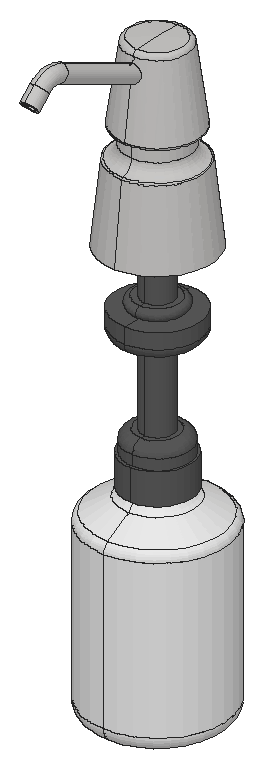
Revit family
Parameters (values of type "B-8231")
  Width = 2 9/16"
  Warranty Information = "3 Year Limited Warranty"
  URL = "http://www.bobrick.com/"
  Specification = "Top-fill counter-mounted manual foam soap dispenser shall dispense 7ml of foam using 0.5ml of commercially marketed foam soaps. Cover shall be constructed of durable die-cast zinc with bright polish finish. Spout assembly shall be type-304 stainless steel with bright polished finish. Dispenser shall be equipped with integrated funnel to facilitate re-filling of soap. Spout shall rotate 360° without damage to valve mechanism. Valve shall be operable with one hand and with less than 5 pounds of force (22.2 N) to comply with accessible design (including ADAAG in U.S.A.). Escutcheon shall lock to body with concealed locking mechanism that is opened with special key provided. Foam Dispensing assembly shall be removable from top for filling and maintenance. Shank shall accommodate mounting thicknesses up to 3'' (76mm). Translucent, shatter-resistant polyethylene container shall have a capacity of 20-fl oz (0.6-L)."
  Product Page URL = "http://www.bobrick.com/washroomaccessories/Pages/Products.aspx?Category%3dCounter-Mounted+Soap+Dispensers"
  Price = "Prices may vary. Please consult Manufacturer Representative for most up-to-date price list."  # constant formula
  Model = "B-8231"
  Material = "Stainless Steel-Bobrick-Polished"
  Manufacturer = "Bobrick Washroom Equipment, Inc"
  Length = 4"
  Installation Type = "Counter-Mounted"
  Height = 5 1/4"
  Description = "Bobrick Top-Fill Counter-Mounted Manual Foam Soap Dispenser"
  Default Elevation = 0"
  Creation Date = "1/12/2015"  # constant formula
  Assembly Code = "C1030210"
  ADA Compliant = yes
Reference planes (in)
  plane 1 "Center (Front/Back)": y = 0
  plane 2: z = 0
  plane 3 "Center (Left/Right)": x = 0
  plane 4: z = 5.25
  plane 5: z = 4.5
  plane 6: y = -4
  plane 7: z = -3
  plane 8: y = -1.28125
  plane 9: y = 1.28125
  plane 10: z = -4
  plane 11: z = -10.1875
  plane 12: y = 1.625
  plane 13: y = -1.625
Forms (in)
  Revolve 1, solid, material "ABS Plastic-Bobrick-White"
    sketch origin (0, 0, 0) x (0, 1, 0) y (0, 0, 1)
      loop
        line (0, -10.1875) -> (1.25, -10.1875)
        arc (1.25, -10.1875) -> (1.51517, -10.07767) -> (1.625, -9.8125) r 0.375
        line (1.625, -9.8125) -> (1.625, -6.02555)
        arc (1.625, -6.02555) -> (1.59151, -5.90055) -> (1.5, -5.80904) r 0.25
        line (1.5, -5.80904) -> (0.87682, -5.44925)
        arc (0.87682, -5.44925) -> (0.76775, -5.36332) -> (0.6875, -5.25) r 0.48489
        line (0.6875, -5.25) -> (0.8125, -5.25) -> (0.8125, -4.5) -> (0.75, -4.5) -> (0.75, -4.25)
        arc (0.75, -4.25) -> (0.67678, -4.07322) -> (0.5, -4) r 0.25
        line (0.5, -4) -> (0.375, -4) -> (0.375, -2) -> (0.75, -2)
        arc (0.75, -2) -> (0.92678, -1.92678) -> (1, -1.75) r 0.25
        line (1, -1.75) -> (1, -1.375) -> (0.5253, -1.375)
        arc (0.5253, -1.375) -> (0.6503, -1.25) -> (0.5253, -1.125) r 0.125
        line (0.5253, -1.125) -> (0.375, -1.125) -> (0.375, 0) -> (0, 0) -> (0, -10.1875)
      axis (0, -10.1875) -> (0, 0)
    angle from 0 to 360
  Sweep 2, solid, material "Stainless Steel-Bobrick-Polished"
    path origin (0, 0.08781, -0.09162) x (0, 1, 0) y (0, 0, 1)
      loop
        line (-0.54964, 4.19464) -> (-2.97775, 5.2757)
        arc (-2.97775, 5.2757) -> (-3.4064, 5.33213) -> (-3.79662, 5.146) r 0.76113
        line (-3.79662, 5.146) -> (-4.08781, 4.88382)
    profile origin (0, -1.67588, 4.64355) x (0, -0.406737, -0.913545) y (1, 0, 0)
      loop
        circle (0.2, 0) r 0.2
      loop
        circle (0.2, 0) r 0.16875
  Revolve 3, solid, material "Stainless Steel-Bobrick-Polished"
    sketch origin (0, 0, 0) x (0, 1, 0) y (0, 0, 1)
      loop
        line (0, 0) -> (1.28125, 0) -> (1.06516, 1.84662)
        arc (1.06516, 1.84662) -> (1.05652, 1.86478) -> (1.0386, 1.87392) r 0.03125
        arc (1.0386, 1.87392) -> (0.8469, 1.9788) -> (0.77059, 2.18357) r 0.31289
        line (0.77059, 2.18357) -> (0.77059, 2.66749) -> (0.94727, 2.5625)
        arc (0.94727, 2.5625) -> (0.97085, 2.57325) -> (0.97822, 2.5981) r 0.03125
        line (0.97822, 2.5981) -> (0.72938, 4.36864)
        arc (0.72938, 4.36864) -> (0.69145, 4.4421) -> (0.61595, 4.47581) r 0.125
        arc (0.61595, 4.47581) -> (0.30824, 4.49494) -> (0, 4.50121) r 7.38964
        line (0, 4.50121) -> (0, 0)
      axis (0, 4.50121) -> (0, 0)
    angle from 0 to 360
Cuts and joins
  joined: Sweep 2, Revolve 3
Lines and regions (in)
  Masking region 1
    outline origin (0, 0, 0) x (0, 1, 0) y (0, 0, 1)
      loop
        line (-1.25, -10.1875) -> (1.25, -10.1875)
        arc (1.25, -10.1875) -> (1.51517, -10.07767) -> (1.625, -9.8125) r 0.375
        line (1.625, -9.8125) -> (1.625, -6.02555)
        arc (1.625, -6.02555) -> (1.59151, -5.90055) -> (1.5, -5.80904) r 0.25
        line (1.5, -5.80904) -> (0.87682, -5.44925)
        arc (0.87682, -5.44925) -> (0.76775, -5.36332) -> (0.6875, -5.25) r 0.48489
        line (0.6875, -5.25) -> (0.8125, -5.25) -> (0.8125, -4.5) -> (0.75, -4.5) -> (0.75, -4.25)
        arc (0.75, -4.25) -> (0.67678, -4.07322) -> (0.5, -4) r 0.25
        line (0.5, -4) -> (0.375, -4) -> (0.375, -2) -> (0.75, -2)
        arc (0.75, -2) -> (0.92678, -1.92678) -> (1, -1.75) r 0.25
        line (1, -1.75) -> (1, -1.375) -> (0.5253, -1.375)
        arc (0.5253, -1.375) -> (0.6503, -1.25) -> (0.5253, -1.125) r 0.125
        line (0.5253, -1.125) -> (0.375, -1.125) -> (0.375, 0) -> (1.28125, 0) -> (1.06516, 1.84662)
        arc (1.06516, 1.84662) -> (1.05652, 1.86478) -> (1.0386, 1.87392) r 0.03125
        arc (1.0386, 1.87392) -> (0.8469, 1.9788) -> (0.77059, 2.18357) r 0.31289
        line (0.77059, 2.18357) -> (0.77059, 2.5625) -> (0.94727, 2.5625)
        arc (0.94727, 2.5625) -> (0.97085, 2.57325) -> (0.97822, 2.5981) r 0.03125
        line (0.97822, 2.5981) -> (0.72938, 4.36864)
        arc (0.72938, 4.36864) -> (0.69145, 4.4421) -> (0.61595, 4.47581) r 0.125
        arc (0.61595, 4.47581) -> (0.00629, 4.50121) -> (-0.60339, 4.47622) r 7.38964
        arc (-0.60339, 4.47622) -> (-0.68677, 4.4463) -> (-0.72938, 4.36864) r 0.125
        line (-0.72938, 4.36864) -> (-0.74876, 4.23077) -> (-2.88901, 5.18367)
        arc (-2.88901, 5.18367) -> (-3.31854, 5.24022) -> (-3.70957, 5.05371) r 0.7627
        line (-3.70957, 5.05371) -> (-4, 4.7922) -> (-3.73235, 4.49494) -> (-3.44293, 4.75554)
        arc (-3.44293, 4.75554) -> (-3.2559, 4.84475) -> (-3.05046, 4.8177) r 0.36479
        line (-3.05046, 4.8177) -> (-0.80667, 3.8187) -> (-0.97822, 2.5981)
        arc (-0.97822, 2.5981) -> (-0.97085, 2.57325) -> (-0.94727, 2.5625) r 0.03125
        line (-0.94727, 2.5625) -> (-0.77059, 2.5625) -> (-0.77059, 2.18357)
        arc (-0.77059, 2.18357) -> (-0.8469, 1.9788) -> (-1.0386, 1.87392) r 0.31289
        arc (-1.0386, 1.87392) -> (-1.05652, 1.86478) -> (-1.06516, 1.84662) r 0.03125
        line (-1.06516, 1.84662) -> (-1.28125, 0) -> (-0.375, 0) -> (-0.375, -1.125) -> (-0.5253, -1.125)
        arc (-0.5253, -1.125) -> (-0.6503, -1.25) -> (-0.5253, -1.375) r 0.125
        line (-0.5253, -1.375) -> (-1, -1.375) -> (-1, -1.75)
        arc (-1, -1.75) -> (-0.92678, -1.92678) -> (-0.75, -2) r 0.25
        line (-0.75, -2) -> (-0.375, -2) -> (-0.375, -4) -> (-0.5, -4)
        arc (-0.5, -4) -> (-0.67678, -4.07322) -> (-0.75, -4.25) r 0.25
        line (-0.75, -4.25) -> (-0.75, -4.5) -> (-0.8125, -4.5) -> (-0.8125, -5.25) -> (-0.6875, -5.25)
        arc (-0.6875, -5.25) -> (-0.76775, -5.36332) -> (-0.87682, -5.44925) r 0.48489
        line (-0.87682, -5.44925) -> (-1.5, -5.80904)
        arc (-1.5, -5.80904) -> (-1.59151, -5.90055) -> (-1.625, -6.02555) r 0.25
        line (-1.625, -6.02555) -> (-1.625, -9.8125)
        arc (-1.625, -9.8125) -> (-1.51517, -10.07767) -> (-1.25, -10.1875) r 0.375
  Masking region 2
    outline origin (0, 0, 0) x (1, 0, 0) y (0, 1, 0)
      loop
        line (-0.2, -1.26554) -> (-0.2, -3.86617)
        spline (-0.2, -3.86617) -> (-0.19319, -3.90081) -> (-0.17321, -3.93309) -> (-0.14142, -3.9608) -> (-0.1, -3.98207) -> (-0.05176, -3.99544) -> (0, -4) -> (0.05176, -3.99544) -> (0.1, -3.98207) -> (0.14142, -3.9608) -> (0.17321, -3.93309) -> (0.19319, -3.90081) -> (0.2, -3.86617)
        line (0.2, -3.86617) -> (0.2, -1.26554)
        arc (0.2, -1.26554) -> (0, 1.28125) -> (-0.2, -1.26554) r 1.28125
  Masking region 3
    outline origin (0, 0, 0) x (1, 0, 0) y (0, 0, 1)
      loop
        arc (1.25, -10.1875) -> (1.51517, -10.07767) -> (1.625, -9.8125) r 0.375
        line (1.625, -9.8125) -> (1.625, -6.02555)
        arc (1.625, -6.02555) -> (1.59151, -5.90055) -> (1.5, -5.80904) r 0.25
        line (1.5, -5.80904) -> (0.87682, -5.44925)
        arc (0.87682, -5.44925) -> (0.76775, -5.36332) -> (0.6875, -5.25) r 0.48489
        line (0.6875, -5.25) -> (0.8125, -5.25) -> (0.8125, -4.5) -> (0.75, -4.5) -> (0.75, -4.25)
        arc (0.75, -4.25) -> (0.67678, -4.07322) -> (0.5, -4) r 0.25
        line (0.5, -4) -> (0.375, -4) -> (0.375, -2) -> (0.75, -2)
        arc (0.75, -2) -> (0.92678, -1.92678) -> (1, -1.75) r 0.25
        line (1, -1.75) -> (1, -1.375) -> (0.5253, -1.375)
        arc (0.5253, -1.375) -> (0.6503, -1.25) -> (0.5253, -1.125) r 0.125
        line (0.5253, -1.125) -> (0.375, -1.125) -> (0.375, 0) -> (1.28125, 0) -> (1.06516, 1.84662)
        arc (1.06516, 1.84662) -> (1.05652, 1.86478) -> (1.0386, 1.87392) r 0.03125
        arc (1.0386, 1.87392) -> (0.8469, 1.9788) -> (0.77059, 2.18357) r 0.31289
        line (0.77059, 2.18357) -> (0.77059, 2.5625) -> (0.94727, 2.5625)
        arc (0.94727, 2.5625) -> (0.97085, 2.57325) -> (0.97822, 2.5981) r 0.03125
        line (0.97822, 2.5981) -> (0.80667, 3.8187) -> (0.72938, 4.36864)
        arc (0.72938, 4.36864) -> (0.68677, 4.4463) -> (0.60339, 4.47622) r 0.125
        arc (0.60339, 4.47622) -> (0.40185, 4.49007) -> (0.2, 4.4984) r 7.38964
        line (0.2, 4.4984) -> (0.2, 5.04982)
        arc (0.2, 5.04982) -> (0, 5.24982) -> (-0.2, 5.04982) r 0.2
        line (-0.2, 5.04982) -> (-0.2, 4.64357) -> (-0.2, 4.49861)
        arc (-0.2, 4.49861) -> (-0.40814, 4.49014) -> (-0.61595, 4.47581) r 7.38964
        arc (-0.61595, 4.47581) -> (-0.69145, 4.4421) -> (-0.72938, 4.36864) r 0.125
        line (-0.72938, 4.36864) -> (-0.97822, 2.5981)
        arc (-0.97822, 2.5981) -> (-0.97085, 2.57325) -> (-0.94727, 2.5625) r 0.03125
        line (-0.94727, 2.5625) -> (-0.77059, 2.5625) -> (-0.77059, 2.18357)
        arc (-0.77059, 2.18357) -> (-0.8469, 1.9788) -> (-1.0386, 1.87392) r 0.31289
        arc (-1.0386, 1.87392) -> (-1.05652, 1.86478) -> (-1.06516, 1.84662) r 0.03125
        line (-1.06516, 1.84662) -> (-1.28125, 0) -> (-0.375, 0) -> (-0.375, -1.125) -> (-0.5253, -1.125)
        arc (-0.5253, -1.125) -> (-0.6503, -1.25) -> (-0.5253, -1.375) r 0.125
        line (-0.5253, -1.375) -> (-1, -1.375) -> (-1, -1.75)
        arc (-1, -1.75) -> (-0.92678, -1.92678) -> (-0.75, -2) r 0.25
        line (-0.75, -2) -> (-0.375, -2) -> (-0.375, -4) -> (-0.5, -4)
        arc (-0.5, -4) -> (-0.67678, -4.07322) -> (-0.75, -4.25) r 0.25
        line (-0.75, -4.25) -> (-0.75, -4.5) -> (-0.8125, -4.5) -> (-0.8125, -5.25) -> (-0.6875, -5.25)
        arc (-0.6875, -5.25) -> (-0.76775, -5.36332) -> (-0.87682, -5.44925) r 0.48489
        line (-0.87682, -5.44925) -> (-1.5, -5.80904)
        arc (-1.5, -5.80904) -> (-1.59151, -5.90055) -> (-1.625, -6.02555) r 0.25
        line (-1.625, -6.02555) -> (-1.625, -9.8125)
        arc (-1.625, -9.8125) -> (-1.51517, -10.07767) -> (-1.25, -10.1875) r 0.375
        line (-1.25, -10.1875) -> (1.25, -10.1875)
  symbolic lines, detail levels medium+fine
    curve 1: line (0, 0.77059, 2.5625) -> (0, -0.77059, 2.5625)
    curve 2: line (0, 0.375, 0) -> (0, -0.375, 0)
    curve 3: arc (0, -0.74876, 4.23077) -> (0, -0.7288, 4.01786) -> (0, -0.80667, 3.8187) r 0.46286
    curve 4: line (0, 0.5253, -1.375) -> (0, -0.5253, -1.375)
    curve 5: line (0, 0.375, -2) -> (0, -0.343, -2)
    curve 6: line (0, 0.4375, -4) -> (0, -0.40625, -4)
    curve 7: line (0, -0.6875, -5.25) -> (0, 0.6875, -5.25)
    curve 35: line (-0.2, -1.26554, 0) -> (-0.2, -0.72284, 0)
    curve 36: line (0.2, -1.26554, 0) -> (0.2, -0.72284, 0)
    curve 37: circle (0, 0, 0) r 0.75 normal (0, 0, 1)
    curve 38: spline (-0.2, 0, 4.64357) -> (-0.19319, 0, 4.60511) -> (-0.17321, 0, 4.56926) -> (-0.14142, 0, 4.53848) -> (-0.1, 0, 4.51486) -> (-0.05176, 0, 4.50001) -> (0, 0, 4.49494) -> (0.05176, 0, 4.50001) -> (0.1, 0, 4.51486) -> (0.14142, 0, 4.53848) -> (0.17321, 0, 4.56926) -> (0.19319, 0, 4.60511) -> (0.2, 0, 4.64357) -> (0.19319, 0, 4.68204) -> (0.17321, 0, 4.71789) -> (0.14142, 0, 4.74867) -> (0.1, 0, 4.77229) -> (0.05176, 0, 4.78714) -> (0, 0, 4.7922) -> (-0.05176, 0, 4.78714) -> (-0.1, 0, 4.77229) -> (-0.14142, 0, 4.74867) -> (-0.17321, 0, 4.71789) -> (-0.19319, 0, 4.68204) -> (-0.2, 0, 4.64357)
    curve 39: spline (-0.16875, 0, 4.64357) -> (-0.163, 0, 4.67603) -> (-0.14614, 0, 4.70628) -> (-0.11932, 0, 4.73225) -> (-0.08437, 0, 4.75218) -> (-0.04368, 0, 4.76471) -> (0, 0, 4.76898) -> (0.04368, 0, 4.76471) -> (0.08438, 0, 4.75218) -> (0.11932, 0, 4.73225) -> (0.14614, 0, 4.70628) -> (0.163, 0, 4.67603) -> (0.16875, 0, 4.64357) -> (0.163, 0, 4.61112) -> (0.14614, 0, 4.58087) -> (0.11932, 0, 4.5549) -> (0.08438, 0, 4.53497) -> (0.04368, 0, 4.52244) -> (0, 0, 4.51817) -> (-0.04368, 0, 4.52244) -> (-0.08437, 0, 4.53497) -> (-0.11932, 0, 4.5549) -> (-0.14614, 0, 4.58087) -> (-0.163, 0, 4.61112) -> (-0.16875, 0, 4.64357)
    curve 40: line (-0.19999, 0, 4.49869) -> (-0.19999, 0, 4.0207)
    curve 41: line (0.19999, 0, 4.49869) -> (0.19999, 0, 4.0207)
    curve 42: arc (-0.19999, 0, 4.0207) -> (0, 0, 3.82071) -> (0.19999, 0, 4.0207) r 0.19999
    curve 43: line (-0.77059, 0, 2.5625) -> (0.77059, 0, 2.5625)
    curve 44: line (-0.375, 0, 0) -> (0.375, 0, 0)
    curve 45: line (-0.5253, 0, -1.375) -> (0.5253, 0, -1.375)
    curve 46: line (0.375, 0, -2) -> (-0.375, 0, -2)
    curve 47: line (-0.40625, 0, -4) -> (0.40625, 0, -4)
    curve 48: line (-0.6875, 0, -5.25) -> (0.6875, 0, -5.25)
  symbolic lines, detail levels fine
    curve 8: line (0, 0.75, -4.5) -> (0, 0.4375, -4.5)
    curve 9: line (0, 0.375, -1.125) -> (0, -0.375, -1.125)
    curve 10: line (0, 1.0386, 1.87392) -> (0, -1.0386, 1.87392)
    curve 11: line (0, 0.625, -1.75) -> (0, 0.625, -1.40625)
    curve 12: arc (0, 0.375, -2) -> (0, 0.55178, -1.92678) -> (0, 0.625, -1.75) r 0.25
    curve 13: line (0, 0.593, -1.75) -> (0, 0.593, -1.40625)
    curve 14: arc (0, 0.343, -2) -> (0, 0.51978, -1.92678) -> (0, 0.593, -1.75) r 0.25
    curve 15: line (0, -0.625, -1.75) -> (0, -0.625, -1.40625)
    curve 16: line (0, -0.593, -1.75) -> (0, -0.593, -1.40625)
    curve 17: arc (0, -0.343, -2) -> (0, -0.51978, -1.92678) -> (0, -0.593, -1.75) r 0.25
    curve 18: arc (0, -0.375, -2) -> (0, -0.55178, -1.92678) -> (0, -0.625, -1.75) r 0.25
    curve 19: line (0, 0.01637, -2) -> (0, 0.01637, -1.40625)
    curve 20: line (0, -0.01563, -2) -> (0, -0.01563, -1.40625)
    curve 21: line (0, 1, -1.40625) -> (0, 0.625, -1.40625)
    curve 22: line (0, 0.4375, -4) -> (0, 0.4375, -4.5)
    curve 23: line (0, 0.40625, -4) -> (0, 0.40625, -4.5)
    curve 24: line (0, -0.4375, -4) -> (0, -0.4375, -4.5)
    curve 25: line (0, -0.40625, -4) -> (0, -0.40625, -4.5)
    curve 26: line (0, -0.0161, -4) -> (0, -0.0161, -4.5)
    curve 27: line (0, 0.01515, -4) -> (0, 0.01515, -4.5)
    curve 28: line (0, 0.40625, -4.5) -> (0, 0.01515, -4.5)
    curve 29: line (0, -0.0161, -4.5) -> (0, -0.40625, -4.5)
    curve 30: line (0, -0.4375, -4.5) -> (0, -0.75, -4.5)
    curve 31: line (0, 0.593, -1.40625) -> (0, 0.01637, -1.40625)
    curve 32: line (0, -0.01563, -1.40625) -> (0, -0.593, -1.40625)
    curve 33: line (0, -0.625, -1.40625) -> (0, -1, -1.40625)
    curve 34: arc (0.2, -0.9798, 0) -> (0, 1, 0) -> (-0.2, -0.9798, 0) r 1
    curve 49: line (-0.75, 0, -4.5) -> (-0.43825, 0, -4.5)
    curve 50: line (-1.0386, 0, 1.87392) -> (1.0386, 0, 1.87392)
    curve 51: line (-0.375, 0, -1.125) -> (0.375, 0, -1.125)
    curve 52: line (1, 0, -1.40625) -> (0.625, 0, -1.40625)
    curve 53: line (-0.625, 0, -1.40625) -> (-0.625, 0, -1.75)
    curve 54: arc (-0.625, 0, -1.75) -> (-0.55178, 0, -1.92678) -> (-0.375, 0, -2) r 0.25
    curve 55: line (-0.5927, 0, -1.40625) -> (-0.5927, 0, -1.75)
    curve 56: arc (-0.5927, 0, -1.75) -> (-0.51948, 0, -1.92678) -> (-0.3427, 0, -2) r 0.25
    curve 57: line (0.625, 0, -1.40625) -> (0.625, 0, -1.75)
    curve 58: arc (0.625, 0, -1.75) -> (0.55178, 0, -1.92678) -> (0.375, 0, -2) r 0.25
    curve 59: line (0.593, 0, -1.40625) -> (0.593, 0, -1.75)
    curve 60: arc (0.593, 0, -1.75) -> (0.51978, 0, -1.92678) -> (0.343, 0, -2) r 0.25
    curve 61: line (0.01552, 0, -1.40625) -> (0.01552, 0, -2)
    curve 62: line (-0.01648, 0, -1.40625) -> (-0.01648, 0, -2)
    curve 63: line (-0.625, 0, -1.40625) -> (-1, 0, -1.40625)
    curve 64: line (-0.01648, 0, -1.40625) -> (-0.5927, 0, -1.40625)
    curve 65: line (0.593, 0, -1.40625) -> (0.01552, 0, -1.40625)
    curve 66: line (0.01552, 0, -4) -> (0.01552, 0, -4.5)
    curve 67: line (-0.01648, 0, -4) -> (-0.01648, 0, -4.5)
    curve 68: line (-0.40625, 0, -4) -> (-0.40625, 0, -4.5)
    curve 69: line (-0.43825, 0, -4) -> (-0.43825, 0, -4.5)
    curve 70: line (0.40625, 0, -4) -> (0.40625, 0, -4.5)
    curve 71: line (0.43825, 0, -4) -> (0.43825, 0, -4.5)
    curve 72: line (-0.40625, 0, -4.5) -> (-0.01648, 0, -4.5)
    curve 73: line (0.01552, 0, -4.5) -> (0.40625, 0, -4.5)
    curve 74: line (0.43825, 0, -4.5) -> (0.75, 0, -4.5)
Dimensions and locks (in)
  "Height": plane 4 to level
  "Length": plane 1 "Center (Front/Back)" to plane 6
  plane 5 to level = 4 1/2"
  "Width": plane 9 to plane 8
  plane 11 to level = 10 3/16"
  plane 12 to plane 13 = 3 1/4"
  plane 11 to plane 10 = 6 3/16"
Automatic sketch dimensions
  Sweep 2 sketch curve to plane 6 = 0"
  Sweep 2 sketch curve to plane 6 = 0.29119"
  Sweep 2 sketch curve to plane 5 = 0.01124"
  Sweep 2 sketch curve to Sweep 2 sketch curve = 0.50929"
  Sweep 2 sketch curve to plane 4 = 0.06591"
  Sweep 2 sketch curve to Sweep 2 sketch curve = 0.30958"
  plane 1 "Center (Front/Back)" to Sweep 2 sketch curve = 0.46183"
  Sweep 2 sketch curve to plane 5 = 0.39698"
  plane 5 to Sweep 2 sketch curve = 0.2922"
  Sweep 2 sketch curve to Sweep 2 sketch curve = 0"  (x2)
  Sweep 2 sketch curve to plane 3 "Center (Left/Right)" = 0"
  Sweep 2 sketch curve to profile plane = 0.2"
  Masking region 1 sketch curve to plane 6 = 0"
  Masking region 1 sketch curve to plane 8 = 1/32"
  Masking region 1 sketch curve to level = 0"  (x2)
  Masking region 1 sketch curve to plane 8 = 0"
  Masking region 1 sketch curve to plane 10 = 0"  (x2)
  Masking region 1 sketch curve to plane 9 = 1/32"
  Masking region 1 sketch curve to plane 9 = 0"
  Masking region 1 sketch curve to plane 5 = 0.00506"
  Masking region 1 sketch curve to plane 6 = 0.26765"
  Masking region 1 sketch curve to plane 4 = 0.19629"
  Masking region 1 sketch curve to Masking region 1 sketch curve = 0.29043"
  plane 5 to Masking region 1 sketch curve = 0.25554"
  Masking region 1 sketch curve to plane 5 = 0.01309"
  Masking region 1 sketch curve to Masking region 1 sketch curve = 0.2437"
  Masking region 1 sketch curve to Masking region 1 sketch curve = 0.00039"
  plane 5 to Masking region 1 sketch curve = 0.3177"
  Masking region 1 sketch curve to Masking region 1 sketch curve = 0.14876"
  Masking region 1 sketch curve to plane 4 = 0.06633"
  plane 8 to Masking region 1 sketch curve = 3/32"
  Masking region 1 sketch curve to plane 8 = 0.16199"
  Masking region 1 sketch curve to plane 8 = 0.19778"
  Masking region 1 sketch curve to plane 8 = 0.21609"
  Masking region 1 sketch curve to Masking region 1 sketch curve = 0.02656"
  Masking region 1 sketch curve to Masking region 1 sketch curve = 0"  (x7)
  Masking region 1 sketch curve to Masking region 1 sketch curve = 0.00448"  (x2)
  Masking region 1 sketch curve to plane 8 = 9/32"
  Masking region 1 sketch curve to plane 8 = 0.30303"
  Masking region 1 sketch curve to Masking region 1 sketch curve = 0.03095"  (x2)
  Masking region 1 sketch curve to plane 8 = 0.40443"
  Masking region 1 sketch curve to plane 8 = 15/32"
  Masking region 1 sketch curve to plane 8 = 0.47458"
  Masking region 1 sketch curve to Masking region 1 sketch curve = 0.17668"  (x2)
  Masking region 1 sketch curve to Masking region 1 sketch curve = 1/4"  (x4)
  Masking region 1 sketch curve to Masking region 1 sketch curve = 1/16"
  Masking region 1 sketch curve to Masking region 1 sketch curve = 0.05791"
  Masking region 1 sketch curve to plane 5 = 0.13136"  (x2)
  Masking region 1 sketch curve to Masking region 1 sketch curve = 0.01938"
  Masking region 1 sketch curve to Masking region 1 sketch curve = 1/8"  (x5)
  Masking region 1 sketch curve to Masking region 1 sketch curve = 0.12378"
  Masking region 1 sketch curve to plane 5 = 0.02378"
  Masking region 1 sketch curve to Masking region 1 sketch curve = 0.00221"
  Masking region 1 sketch curve to Masking region 1 sketch curve = 0.4747"
  Masking region 1 sketch curve to plane 10 = 1/4"
  plane 1 "Center (Front/Back)" to Masking region 1 sketch curve = 3/8"  (x2)
  Masking region 1 sketch curve to plane 1 "Center (Front/Back)" = 0.0038"
  Masking region 1 sketch curve to plane 1 "Center (Front/Back)" = 3/8"  (x2)
  Masking region 1 sketch curve to Masking region 1 sketch curve = 0.1503"
  Masking region 1 sketch curve to plane 5 = 0.14876"
  Masking region 1 sketch curve to plane 1 "Center (Front/Back)" = 0.6056"
  Masking region 1 sketch curve to plane 5 = 0.02419"
  Masking region 1 sketch curve to Masking region 1 sketch curve = 0.01035"
  Masking region 1 sketch curve to plane 9 = 19/32"
  Masking region 1 sketch curve to Masking region 1 sketch curve = 3/8"  (x3)
  Masking region 1 sketch curve to plane 9 = 0.51066"
  Masking region 1 sketch curve to Masking region 1 sketch curve = 0.06432"
  Masking region 1 sketch curve to plane 9 = 9/32"
  Masking region 1 sketch curve to plane 9 = 0.24713"
  Masking region 1 sketch curve to Masking region 1 sketch curve = 0.03104"
  Masking region 1 sketch curve to plane 9 = 0.19778"
  Masking region 1 sketch curve to plane 9 = 0.16199"
  plane 9 to Masking region 1 sketch curve = 3/32"
  Masking region 1 sketch curve to Masking region 1 sketch curve = 1.77555"  (x2)
  Masking region 1 sketch curve to Masking region 1 sketch curve = 0.35979"  (x2)
  Masking region 1 sketch curve to Masking region 1 sketch curve = 0.19925"  (x2)
  Masking region 1 sketch curve to Masking region 1 sketch curve = 0.88843"
  level to Masking region 1 sketch curve = 1.84299"
  Masking region 1 sketch curve to Masking region 1 sketch curve = 0.34058"
  Masking region 1 sketch curve to Masking region 1 sketch curve = 0.37893"  (x2)
  Masking region 1 sketch curve to Masking region 1 sketch curve = 1/32"  (x2)
  Masking region 1 sketch curve to Masking region 1 sketch curve = 0.54994"
  Masking region 1 sketch curve to Masking region 1 sketch curve = 0.13787"
  curve 24 to plane 10 = 0"
  curve 6 to plane 10 = 0"
  curve 2 to level = 0"
  curve 3 to plane 8 = 0.0941"
  curve 10 to plane 8 = 0.24265"
  curve 33 to plane 8 = 9/32"
  curve 3 to curve 3 = 0.38048"
  curve 1 to plane 8 = 0.51066"
  curve 30 to plane 8 = 17/32"
  curve 3 to plane 5 = 0.26923"
  curve 3 to curve 3 = 0.05791"
  curve 7 to plane 8 = 19/32"
  curve 33 to curve 18 = 3/8"
  curve 15 to curve 32 = 0.032"
  curve 16 to curve 4 = 0.0677"
  curve 30 to curve 30 = 5/16"
  curve 24 to curve 6 = 1/32"
  curve 16 to curve 18 = 0.218"
  plane 1 "Center (Front/Back)" to curve 2 = 3/8"
  curve 4 to curve 9 = 0.1503"
  curve 18 to curve 5 = 0.032"
  curve 18 to curve 17 = 0.032"
  plane 1 "Center (Front/Back)" to curve 26 = 0.0161"
  plane 1 "Center (Front/Back)" to curve 32 = 1/64"
  curve 28 to plane 1 "Center (Front/Back)" = 0.01515"
  curve 19 to plane 1 "Center (Front/Back)" = 0.01637"
  curve 19 to curve 14 = 0.32662"
  curve 9 to plane 1 "Center (Front/Back)" = 3/8"
  curve 14 to curve 12 = 0.032"
  curve 2 to plane 1 "Center (Front/Back)" = 3/8"
  curve 27 to curve 28 = 0.3911"
  curve 23 to curve 6 = 1/32"
  curve 9 to curve 4 = 0.1503"
  curve 4 to curve 13 = 0.0677"
  curve 13 to curve 11 = 0.032"
  curve 7 to plane 9 = 19/32"
  curve 8 to curve 8 = 5/16"
  curve 1 to plane 9 = 0.51066"
  curve 21 to plane 9 = 9/32"
  curve 10 to plane 9 = 0.24265"
  curve 8 to plane 10 = 1/2"
  curve 30 to plane 10 = 1/2"
  curve 24 to curve 29 = 0"
  curve 23 to curve 8 = 0"
  curve 7 to curve 8 = 3/4"
  curve 5 to plane 7 = 1"
  curve 18 to curve 5 = 0"
  curve 11 to curve 21 = 11/32"
  curve 13 to curve 11 = 0"
  curve 18 to curve 33 = 11/32"
  curve 15 to curve 16 = 0"
  curve 16 to curve 4 = 1/32"
  curve 4 to curve 9 = 1/4"
  level to curve 10 = 1.87392"
  curve 10 to curve 1 = 0.68858"
  curve 3 to curve 3 = 0.41207"
  plane 1 "Center (Front/Back)" to Masking region 2 sketch curve = 0"
  Masking region 2 sketch curve to plane 3 "Center (Left/Right)" = 0"
  Masking region 2 sketch curve to Masking region 2 sketch curve = 0.2"
  Masking region 2 sketch curve to plane 8 = 0.01571"
  Masking region 2 sketch curve to Masking region 2 sketch curve = 0"
  Masking region 2 sketch curve to plane 6 = 0.13383"
  curve 34 to curve 37 = 0"  (x2)
  plane 1 "Center (Front/Back)" to curve 37 = 0"
  curve 37 to plane 3 "Center (Left/Right)" = 0"
  curve 35 to plane 3 "Center (Left/Right)" = 0.2"
  curve 36 to plane 8 = 0.55841"
  curve 35 to curve 36 = 0"
  curve 36 to plane 8 = 0.01571"
  curve 35 to plane 8 = 0.01571"
  Revolve 3 sketch curve to level = 0"
  Revolve 3 sketch curve to plane 1 "Center (Front/Back)" = 0"  (x2)
  Revolve 3 sketch curve to plane 9 = 0"
  Revolve 3 sketch curve to plane 1 "Center (Front/Back)" = 0.0038"
  Revolve 3 sketch curve to plane 5 = 0.14876"
  Revolve 3 sketch curve to plane 1 "Center (Front/Back)" = 0.6056"
  Revolve 3 sketch curve to plane 5 = 0.02419"
  Revolve 3 sketch curve to Revolve 3 sketch curve = 0.01035"
  Revolve 3 sketch curve to Revolve 3 sketch curve = 0"  (x2)
  Revolve 3 sketch curve to plane 5 = 0.13136"
  Revolve 3 sketch curve to plane 9 = 0.51066"
  Revolve 3 sketch curve to Revolve 3 sketch curve = 0.17668"
  Revolve 3 sketch curve to Revolve 3 sketch curve = 0.03095"
  Revolve 3 sketch curve to plane 9 = 0.24713"
  Revolve 3 sketch curve to Revolve 3 sketch curve = 0.00448"
  Revolve 3 sketch curve to Revolve 3 sketch curve = 0.03104"
  Revolve 3 sketch curve to plane 9 = 0.19778"
  level to Revolve 3 sketch curve = 1.84299"
  Revolve 3 sketch curve to Revolve 3 sketch curve = 0.37893"
  Revolve 3 sketch curve to Revolve 3 sketch curve = 1/32"
  Revolve 3 sketch curve to Revolve 3 sketch curve = 0.07374"
  Revolve 3 sketch curve to Revolve 3 sketch curve = 0.59239"
  Revolve 3 sketch curve to Revolve 3 sketch curve = 0.46721"
  Masking region 3 sketch curve to Masking region 3 sketch curve = 0"  (x9)
  Masking region 3 sketch curve to level = 0"  (x2)
  Masking region 3 sketch curve to plane 10 = 0"  (x2)
  Masking region 3 sketch curve to plane 3 "Center (Left/Right)" = 0"
  Masking region 3 sketch curve to plane 3 "Center (Left/Right)" = 0.0038"
  Masking region 3 sketch curve to plane 3 "Center (Left/Right)" = 0.2"
  Masking region 3 sketch curve to plane 3 "Center (Left/Right)" = 3/8"  (x2)
  Masking region 3 sketch curve to Masking region 3 sketch curve = 1/8"  (x9)
  Masking region 3 sketch curve to Masking region 3 sketch curve = 0.1503"  (x2)
  Masking region 3 sketch curve to plane 5 = 0.14876"
  Masking region 3 sketch curve to Masking region 3 sketch curve = 0.4056"
  Masking region 3 sketch curve to plane 5 = 0.02419"
  Masking region 3 sketch curve to Masking region 3 sketch curve = 0.01035"
  Masking region 3 sketch curve to plane 3 "Center (Left/Right)" = 11/16"
  Masking region 3 sketch curve to plane 5 = 0.13136"  (x2)
  Masking region 3 sketch curve to Masking region 3 sketch curve = 1/4"  (x6)
  Masking region 3 sketch curve to Masking region 3 sketch curve = 0.2247"
  Masking region 3 sketch curve to plane 3 "Center (Left/Right)" = 0.77059"
  Masking region 3 sketch curve to Masking region 3 sketch curve = 0.06432"  (x2)
  Masking region 3 sketch curve to Masking region 3 sketch curve = 0.17668"  (x2)
  Masking region 3 sketch curve to Masking region 3 sketch curve = 0.03095"  (x2)
  Masking region 3 sketch curve to Masking region 3 sketch curve = 0.26353"  (x2)
  Masking region 3 sketch curve to Masking region 3 sketch curve = 0.00448"  (x2)
  Masking region 3 sketch curve to Masking region 3 sketch curve = 0.03104"  (x2)
  Masking region 3 sketch curve to Masking region 3 sketch curve = 0.04487"  (x2)
  Masking region 3 sketch curve to Masking region 3 sketch curve = 0.30676"  (x2)
  Masking region 3 sketch curve to Masking region 3 sketch curve = 29/32"  (x2)
  Masking region 3 sketch curve to plane 3 "Center (Left/Right)" = 1 1/4"
  Masking region 3 sketch curve to Masking region 3 sketch curve = 0.49818"  (x2)
  plane 3 "Center (Left/Right)" to Masking region 3 sketch curve = 3/8"  (x2)
  Masking region 3 sketch curve to plane 5 = 0.02378"
  Masking region 3 sketch curve to Masking region 3 sketch curve = 0.40339"
  Masking region 3 sketch curve to Masking region 3 sketch curve = 0.00221"
  plane 3 "Center (Left/Right)" to Masking region 3 sketch curve = 11/16"
  Masking region 3 sketch curve to Masking region 3 sketch curve = 0.12378"
  Masking region 3 sketch curve to Masking region 3 sketch curve = 3/8"  (x4)
  plane 3 "Center (Left/Right)" to Masking region 3 sketch curve = 0.77059"
  Masking region 3 sketch curve to Masking region 3 sketch curve = 0.07729"
  plane 3 "Center (Left/Right)" to Masking region 3 sketch curve = 1 1/4"
  Masking region 3 sketch curve to Masking region 3 sketch curve = 1.77555"  (x2)
  Masking region 3 sketch curve to Masking region 3 sketch curve = 0.35979"  (x2)
  Masking region 3 sketch curve to Masking region 3 sketch curve = 0.19925"  (x2)
  Masking region 3 sketch curve to plane 7 = 1"  (x2)
  level to Masking region 3 sketch curve = 1.84299"
  Masking region 3 sketch curve to Masking region 3 sketch curve = 0.34058"
  Masking region 3 sketch curve to Masking region 3 sketch curve = 0.37893"  (x2)
  Masking region 3 sketch curve to Masking region 3 sketch curve = 1/32"  (x2)
  Masking region 3 sketch curve to Masking region 3 sketch curve = 0.54994"
  plane 5 to Masking region 3 sketch curve = 0.14357"
  Masking region 3 sketch curve to plane 4 = 0.20018"
  curve 69 to plane 10 = 0"
  curve 68 to plane 10 = 0"
  curve 44 to level = 0"
  curve 38 to plane 3 "Center (Left/Right)" = 0"
  curve 42 to plane 3 "Center (Left/Right)" = 0"
  curve 39 to plane 3 "Center (Left/Right)" = 0"
  curve 71 to plane 10 = 0"
  curve 64 to plane 3 "Center (Left/Right)" = 0.01648"
  curve 39 to curve 38 = 0.16875"
  curve 42 to plane 3 "Center (Left/Right)" = 0.19999"
  curve 38 to curve 39 = 1/32"
  curve 56 to plane 3 "Center (Left/Right)" = 0.3427"
  curve 46 to curve 56 = 0.0323"
  curve 44 to plane 3 "Center (Left/Right)" = 3/8"
  curve 51 to plane 3 "Center (Left/Right)" = 3/8"
  curve 47 to curve 67 = 0.38977"
  curve 45 to curve 51 = 0.1503"
  curve 64 to curve 45 = 0.0674"
  curve 63 to curve 55 = 0.0323"
  curve 48 to plane 3 "Center (Left/Right)" = 11/16"
  curve 49 to curve 69 = 0.31175"
  curve 43 to plane 3 "Center (Left/Right)" = 0.77059"
  curve 63 to curve 53 = 3/8"
  curve 50 to curve 43 = 0.26801"
  plane 3 "Center (Left/Right)" to curve 61 = 0.01552"
  curve 61 to curve 60 = 0.32748"
  plane 3 "Center (Left/Right)" to curve 44 = 3/8"
  curve 60 to curve 58 = 0.032"
  plane 3 "Center (Left/Right)" to curve 51 = 3/8"
  curve 66 to curve 70 = 0.39073"
  curve 51 to curve 45 = 0.1503"
  curve 58 to curve 59 = 0.218"
  curve 59 to curve 57 = 0.032"
  plane 3 "Center (Left/Right)" to curve 48 = 11/16"
  curve 71 to curve 74 = 0.31175"
  plane 3 "Center (Left/Right)" to curve 43 = 0.77059"
  curve 52 to curve 52 = 3/8"
  curve 43 to curve 50 = 0.26801"
  curve 74 to plane 10 = 1/2"
  curve 66 to curve 67 = 0"
  curve 62 to plane 7 = 1"
  curve 56 to curve 54 = 0"
  curve 56 to curve 55 = 11/32"
  curve 60 to curve 65 = 11/32"
  curve 57 to curve 59 = 0"
  curve 53 to curve 55 = 0"
  curve 59 to curve 45 = 1/32"
  curve 45 to curve 51 = 1/4"
  level to curve 50 = 1.87392"
  curve 50 to curve 43 = 0.68858"
  curve 42 to plane 5 = 0.4793"
  curve 40 to plane 5 = 0.00131"
  curve 41 to plane 5 = 0.00131"
  plane 5 to curve 39 = 0.14357"
  curve 38 to curve 39 = 0"
  curve 48 to curve 71 = 3/4"
  curve 49 to curve 68 = 11/32"
  curve 69 to curve 72 = 0"
  plane 3 "Center (Left/Right)" to curve 73 = 0.01552"
  curve 49 to plane 3 "Center (Left/Right)" = 3/4"
  curve 70 to curve 71 = 0.032"
  curve 73 to curve 71 = 0"
  Masking region 1 sketch curve to plane 11 = 3/8"
  Masking region 3 sketch curve to plane 11 = 3/8"
  plane 13 to Masking region 1 sketch curve = 0"
  Masking region 1 sketch curve to plane 13 = 1/8"
  Masking region 1 sketch curve to plane 12 = 1/8"
  plane 12 to Masking region 1 sketch curve = 0"
  Revolve 1 sketch curve to plane 1 "Center (Front/Back)" = 0"  (x2)
  Revolve 1 sketch curve to level = 0"
  Revolve 1 sketch curve to plane 10 = 0"
  plane 11 to Revolve 1 sketch curve = 0"
  Revolve 1 sketch curve to plane 12 = 0"
  Revolve 1 sketch curve to plane 1 "Center (Front/Back)" = 3/8"
  Revolve 1 sketch curve to Revolve 1 sketch curve = 3/8"  (x3)
  Revolve 1 sketch curve to Revolve 1 sketch curve = 1/8"  (x2)
  Revolve 1 sketch curve to Revolve 1 sketch curve = 0.1503"
  Revolve 1 sketch curve to Revolve 1 sketch curve = 0"
  Revolve 1 sketch curve to plane 9 = 19/32"
  Revolve 1 sketch curve to Revolve 1 sketch curve = 1/4"  (x3)
  Revolve 1 sketch curve to Revolve 1 sketch curve = 0.2247"
  Revolve 1 sketch curve to Revolve 1 sketch curve = 1/16"
  Revolve 1 sketch curve to Revolve 1 sketch curve = 0.06432"
  Revolve 1 sketch curve to plane 9 = 9/32"
  Revolve 1 sketch curve to plane 9 = 1/32"
  Revolve 1 sketch curve to plane 9 = 0.16199"
  plane 9 to Revolve 1 sketch curve = 3/32"
  Revolve 1 sketch curve to plane 12 = 1/8"
  Revolve 1 sketch curve to Revolve 1 sketch curve = 1.77555"
  Revolve 1 sketch curve to Revolve 1 sketch curve = 0.35979"
  Revolve 1 sketch curve to Revolve 1 sketch curve = 0.19925"
  plane 10 to Revolve 1 sketch curve = 0.39154"
  Revolve 1 sketch curve to plane 7 = 1"
  radius of Sweep 2 sketch curve = 0.2"
  radius of Sweep 2 sketch curve = 0.16875"
  radius of curve 34 = 1"
